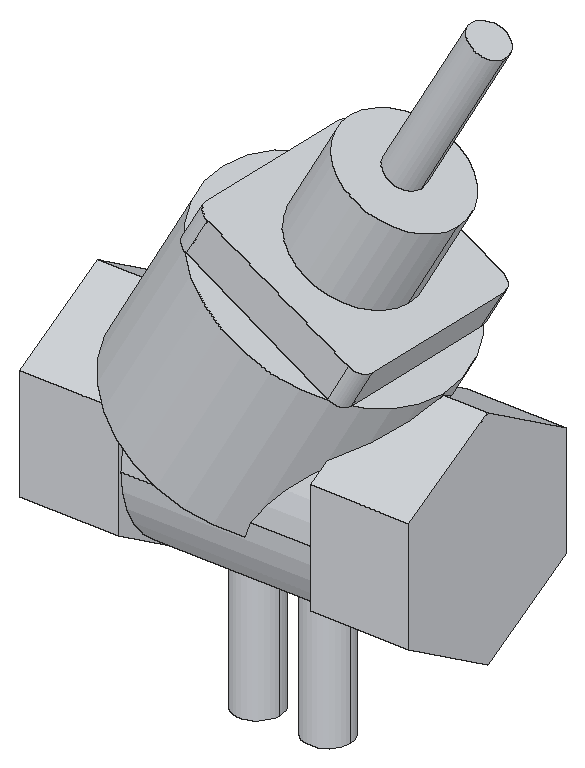
Revit family "OPTIMA_Compact_Plus_FF_DN50_15_RFA_2018", category Pipe Accessories, Revit 2018
Family settings
  Round Connector Dimension = Use Diameter
  Part Type = Valve - Breaks Into
  Work Plane-Based = No
  Always vertical = Yes
  Cut with Voids When Loaded = No
  Shared = No
Parameters (values of type "OPTIMA Compact Plus DN50 F-F 15mm")
  magiProductId = "624daa8973ca4b919c2525e9502345"
  magiProductFamilyId = "6a52986d8e934b98ba96fc38d8cea2"
  magiPartTypeId = 304
  isMeasuringValve [instance] = no
  ang2D [instance] = 0.00°
  Z = 0 mm
  X = 19 mm
  W2D = 40 mm
  VersionID = "2.0/2018.8.28.1/FRESE_OPTIMA-COMP-FF-BIG_001"
  Use Minimum Symbol Size [instance] = yes
  URL = "www.hydronic.cz"
  Type Comments = "vnitřní závit; PN25; -10~120°C, s měřením"
  S3 = 40 mm
  S2 = 14 mm
  S1 = 6 mm
  R9 = 8 mm
  R7 = 7 mm
  R6 = 22 mm
  R5 = 5 mm
  R4 = 34 mm
  R3 = 45 mm
  R2 = 34 mm
  R1 = 40 mm
  QmdConnectorList = "301;D;302;D"
  Productdata [instance] = ""
  PLG0 = yes
  Manufacturer = "Hydronic Systems Prague s.r.o."
  MC Product Code = "53-1376  (2\" F-F; 15mm; Qmin-dpmin 1400l/h-10.0kPa; Qmax-dpmin 11500l/h-36.0kPa; dpmax 800kPa)"
  MC Piping Given Pressure Drop [instance] = 0.0 Pa
  LL = 69 mm
  L6 = 10 mm
  L5 = 29 mm
  L4 = 90 mm
  L3 = 12.5 mm
  L2D_Min = 3048 mm
  L2D = 138 mm
  L2 = 68 mm
  L1__ve = -L1  # -35 mm
  L1 = 35 mm
  H7 = 85.5 mm
  H6__ve = -H6  # -82 mm
  H6 = 82 mm
  H51 = 40 mm
  H5 = 30 mm
  H4 = 60 mm
  H31 = 9.5 mm
  H3 = 35 mm
  H2 = 15 mm
  H1 = 62 mm
  Description = "Tlakově nezávislý 2-cestný regulační vyvažovací ventil (PICV)"
  D = 50 mm
  CenSd_R1_6 = R1 * cos(30.00°)  # 34.641 mm
  A = 30.00°
Types (2, lengths in mm): name | magiProductId | Z | X | R2 | R1 | MC Product Code | H6__ve | H6 | D | CenSd_R1_6
  OPTIMA Compact Plus DN40 F-F 15mm | "370c574abdd74299b576400338a818" | 7 | 15 | 27 | 32 | "53-1375  (6/4\" F-F; 15mm; Qmin-dpmin 1370l/h-10.0kPa; Qmax-dpmin 9500l/h-25.0kPa; dpmax 800kPa)" | -74 | 74 | 40 | 27.713
  OPTIMA Compact Plus DN50 F-F 15mm | "624daa8973ca4b919c2525e9502345" | 0 | 19 | 34 | 40 | "53-1376  (2\" F-F; 15mm; Qmin-dpmin 1400l/h-10.0kPa; Qmax-dpmin 11500l/h-36.0kPa; dpmax 800kPa)" | -82 | 82 | 50 | 34.641
Reference planes
  plane 1 "Center (Front/Back)": y = 0
  plane 2 "XYPLANE": z = 0
  plane 3 "Center (Left/Right)": x = 0
  plane 4 "356": through (324.771, 0, 678.519) normal (0.866, 0, -0.5)
  plane 5 "353": through (392.321, 0, 639.519) normal (0.866, 0, -0.5)
  plane 6 "350": through (383.66, 0, 644.519) normal (0.866, 0, -0.5)
  plane 7 "347": through (333.431, 0, 673.519) normal (0.866, 0, -0.5)
  plane 8 "345": through (-606.269, 0, 449.911) normal (0.5, 0, 0.866)
  plane 9 "340": y = -72
  plane 10 "339": y = 47
  plane 11 "338": through (436.488, 0, 614.019) normal (0.866, 0, -0.5)
  plane 12 "337": through (280.603, 0, 704.019) normal (0.866, 0, -0.5)
  plane 13 "267": x = 12.5
  plane 14 "266": x = -12.5
  plane 15 "252": through (-548.519, 0, 549.937) normal (0.5, 0, 0.866)
  plane 16 "250": through (-563.519, 0, 523.956) normal (0.5, 0, 0.866)
  plane 17 "248": through (-593.519, 0, 471.995) normal (0.5, 0, 0.866)
  plane 18 "245": through (-611.019, 0, 441.684) normal (0.5, 0, 0.866)
  plane 19 "241": through (329.101, 0, 676.019) normal (0.866, 0, -0.5)
  plane 20 "240": through (387.99, 0, 642.019) normal (0.866, 0, -0.5)
  plane 21 "239": y = -34
  plane 22 "238": y = 34
  plane 23 "237": through (-618.519, 0, 428.694) normal (0.5, 0, 0.866)
  plane 24 "235": through (-649.519, 0, 375) normal (0.5, 0, 0.866)
  plane 25 "231": y = 0
  plane 26 "230": through (358.546, 0, 659.019) normal (0.866, 0, -0.5)
  plane 27 "211": x = -34
  plane 28 "204": x = 69
  plane 29 "203": x = -69
  plane 30 "202": x = 0
  plane 31 "201": z = 0
  plane 32 "200": y = 0
  plane 33 "227XY": through (-649.519, 0, 375) normal (0.5, 0, 0.866)
  plane 34 "227XZ": y = 0
  plane 35 "227YZ": through (375, 0, 649.519) normal (0.866, 0, -0.5)
Forms (mm)
  Extrusion 1, solid
    sketch origin (-593.519, 0, 471.995) x (0.866025, 0, -0.5) y (0, 1, 0)
      loop
        circle (731, 0) r 7
    from 0 to 60 <- "H4"
  Extrusion 2, solid
    sketch origin (69, -750, 0) x (0, 1, 0) y (0, 0, 1)
      loop
        line (750, 40) -> (715.359, 20) -> (715.359, -20) -> (750, -40) -> (784.641, -20) -> (784.641, 20) -> (750, 40)
    from 0 to -35 <- "L1__ve"
  Extrusion 3, solid
    sketch origin (-69, -750, 0) x (0, 1, 0) y (0, 0, 1)
      loop
        line (750, 40) -> (715.359, 20) -> (715.359, -20) -> (750, -40) -> (784.641, -20) -> (784.641, 20) -> (750, 40)
    from 0 to 35 <- "L1"
  Extrusion 4, solid, visible <- "PLG0"
    sketch origin (-750, 0, 0) x (1, 0, 0) y (0, 1, 0)
      loop
        circle (762.5, 0) r 8
    from 0 to -82 <- "H6__ve"
  Extrusion 5, solid, visible <- "PLG0"
    sketch origin (-750, 0, 0) x (1, 0, 0) y (0, 1, 0)
      loop
        circle (737.5, 0) r 8
    from 0 to -82 <- "H6__ve"
  Extrusion 6, solid
    sketch origin (-611.019, 0, 441.684) x (0.866025, 0, -0.5) y (0, 1, 0)
      loop
        circle (731, 0) r 22
    from 0 to 35 <- "H3"
  Extrusion 7, solid
    sketch origin (-618.519, 0, 428.694) x (0.866025, 0, -0.5) y (0, 1, 0)
      loop
        arc (702, 34) -> (698.464, 32.536) -> (697, 29) r 5
        line (697, 29) -> (697, -29)
        arc (697, -29) -> (698.464, -32.536) -> (702, -34) r 5
        line (702, -34) -> (760, -34)
        arc (760, -34) -> (763.536, -32.536) -> (765, -29) r 5
        line (765, -29) -> (765, 29)
        arc (765, 29) -> (763.536, 32.536) -> (760, 34) r 5
        line (760, 34) -> (702, 34)
    from 0 to 15 <- "H2"
  Extrusion 8, solid
    sketch origin (-649.519, 0, 375) x (0.866025, 0, -0.5) y (0, 1, 0)
      loop
        circle (731, 0) r 45
    from 0 to 62 <- "H1"
  Extrusion 9, solid
    sketch origin (-34, -750, 0) x (0, 1, 0) y (0, 0, 1)
      loop
        circle (750, 0) r 34
    from 0 to 68 <- "L2"
  Extrusion 10, solid, not visible
    sketch origin (69, -750, 0) x (0, 1, 0) y (0, 0, 1)
      loop
        circle (750, 0) r 10
    from 0 to -10
  Extrusion 11, solid, not visible
    sketch origin (-69, -750, 0) x (0, 1, 0) y (0, 0, 1)
      loop
        circle (750, 0) r 10
    from 0 to 10
Lines and regions (mm)
  reference lines, not visible
    curve 1: circle (2, 2, 0) r 1 normal (0, 0, 1)
  reference lines
    curve 2: circle (-6.979, 0, 103.911) r 1 normal (0.5, 0, 0.866)
    curve 3: circle (60.571, 0, 64.911) r 1 normal (0.5, 0, 0.866)
    curve 4: circle (51.91, 0, 69.911) r 1 normal (0.5, 0, 0.866)
    curve 5: circle (1.681, 0, 98.911) r 1 normal (0.5, 0, 0.866)
    curve 6: line (69, 0, 0) -> (69, -13.856, -8)
    curve 7: line (69, 0, 0) -> (69, 0, -16)
    curve 8: line (69, 0, 0) -> (69, 13.856, -8)
    curve 9: line (-69, 0, 0) -> (-69, 13.856, -8)
    curve 10: line (-69, 0, 0) -> (-69, 0, -16)
    curve 11: line (-69, 0, 0) -> (-69, -13.856, -8)
Dimensions and locks
  plane 1 "Center (Front/Back)" to curve 1 = 2 mm
  "L6": plane 7 "347" to plane 4 "356"
  "L6": plane 6 "350" to plane 5 "353"
  "L5": plane 26 "230" to plane 6 "350"
  "L5": plane 26 "230" to plane 7 "347"
  "H31": plane 18 "245" to plane 8 "345"
  locked: plane 32 "200" to plane 9 "340" at 72
  locked: plane 25 "231" to plane 10 "339" at 47
  "L4": plane 26 "230" to plane 11 "338"
  "L4": plane 26 "230" to plane 12 "337"
  "L3": plane 3 "Center (Left/Right)" to plane 13 "267"
  "L3": plane 3 "Center (Left/Right)" to plane 14 "266"
  "H5": plane 16 "250" to plane 15 "252"
  "H4": plane 17 "248" to plane 16 "250"
  "H3": plane 18 "245" to plane 17 "248"
  "H2": plane 23 "237" to plane 18 "245"
  "R4": plane 26 "230" to plane 19 "241"
  "R4": plane 26 "230" to plane 20 "240"
  "R4": plane 32 "200" to plane 21 "239"
  "R4": plane 32 "200" to plane 22 "238"
  "H1": plane 24 "235" to plane 23 "237"
  "Z": plane 33 "227XY" to plane 24 "235"
  locked: plane 32 "200" to plane 25 "231"
  "X": plane 35 "227YZ" to plane 26 "230"
  "L1": plane 29 "203" to plane 27 "211"
  "LL": plane 3 "Center (Left/Right)" to plane 28 "204"
  "LL": plane 3 "Center (Left/Right)" to plane 29 "203"
  locked: plane 3 "Center (Left/Right)" to plane 30 "202"
  locked: plane 2 "XYPLANE" to plane 31 "201"
  locked: plane 1 "Center (Front/Back)" to plane 32 "200"
  "CenSd_R1_6": curve 6 to Extrusion 2 sketch curve  (x2)
  "CenSd_R1_6": curve 7 to Extrusion 2 sketch curve  (x2)
  "CenSd_R1_6": curve 8 to Extrusion 2 sketch curve  (x2)
  Extrusion 2 sketch curve to Extrusion 2 sketch curve = 0 mm  (x12)
  "CenSd_R1_6": curve 9 to Extrusion 3 sketch curve  (x2)
  "CenSd_R1_6": curve 10 to Extrusion 3 sketch curve  (x2)
  "CenSd_R1_6": curve 11 to Extrusion 3 sketch curve  (x2)
  Extrusion 3 sketch curve to Extrusion 3 sketch curve = 0 mm  (x12)
  Extrusion 7 sketch curve to Extrusion 7 sketch curve = 0 mm  (x16)
  "R7": radius of Extrusion 1 sketch curve
  "R9": radius of Extrusion 4 sketch curve
  "R9": radius of Extrusion 5 sketch curve
  "R6": radius of Extrusion 6 sketch curve
  "R5": radius of Extrusion 7 sketch curve  (x4)
  "R3": radius of Extrusion 8 sketch curve
  "R2": radius of Extrusion 9 sketch curve
  locked: curve 7 to curve 6 (angle 60.00°)
  locked: curve 8 to curve 7 (angle 60.00°)
  locked: curve 8 to curve 6 (angle 120.00°)
  locked: curve 10 to curve 9 (angle 60.00°)
  locked: curve 11 to curve 10 (angle 60.00°)
  locked: curve 11 to curve 9 (angle 120.00°)
  aligned and locked: level to plane 2 "XYPLANE"
  aligned and locked: curve 2 to plane 4 "356"
  aligned and locked: plane 25 "231" to curve 2
  aligned and locked: curve 3 to plane 5 "353"
  aligned and locked: plane 25 "231" to curve 3
  aligned and locked: curve 4 to plane 6 "350"
  aligned and locked: plane 25 "231" to curve 4
  aligned and locked: curve 5 to plane 7 "347"
  aligned and locked: plane 25 "231" to curve 5
  aligned and locked: plane 25 "231" to Extrusion 1 sketch curve
  aligned and locked: Extrusion 1 sketch curve to plane 26 "230"
  aligned and locked: plane 31 "201" to curve 8
  aligned and locked: curve 8 to plane 32 "200"
  aligned and locked: plane 31 "201" to curve 11
  aligned and locked: curve 11 to plane 32 "200"
  aligned and locked: plane 13 "267" to Extrusion 4 sketch curve
  aligned and locked: plane 32 "200" to Extrusion 4 sketch curve
  aligned and locked: plane 14 "266" to Extrusion 5 sketch curve
  aligned and locked: plane 32 "200" to Extrusion 5 sketch curve
  aligned and locked: plane 25 "231" to Extrusion 6 sketch curve
  aligned and locked: Extrusion 6 sketch curve to plane 26 "230"
  aligned and locked: Extrusion 7 sketch curve to plane 19 "241"
  aligned and locked: Extrusion 7 sketch curve to plane 21 "239"
  aligned and locked: Extrusion 7 sketch curve to plane 20 "240"
  aligned and locked: plane 22 "238" to Extrusion 7 sketch curve
  aligned and locked: plane 25 "231" to Extrusion 8 sketch curve
  aligned and locked: Extrusion 8 sketch curve to plane 26 "230"
  aligned and locked: plane 31 "201" to Extrusion 9 sketch curve
  aligned and locked: Extrusion 9 sketch curve to plane 32 "200"
  aligned and locked: plane 31 "201" to Extrusion 10 sketch curve
  aligned and locked: Extrusion 10 sketch curve to plane 32 "200"
  aligned and locked: plane 31 "201" to Extrusion 11 sketch curve
  aligned and locked: Extrusion 11 sketch curve to plane 32 "200"
Automatic sketch dimensions
  plane 1 "Center (Front/Back)" to Extrusion 10 sketch curve = 10 mm
  plane 1 "Center (Front/Back)" to Extrusion 11 sketch curve = 10 mm
  plane 3 "Center (Left/Right)" to curve 1 = 2 mm
  radius of curve 2 = 1 mm
  radius of curve 3 = 1 mm
  radius of curve 4 = 1 mm
  radius of curve 5 = 1 mm
  radius of curve 1 = 1 mm
Connectors
  piping at (-69, 0, 0), diameter 50, driven by "D"
    settings: on Extrusion 11, index 1, connector inside diameter 609.6 mm, connector length 0 mm, flow factor 0, pipe flow 0.0 L/s, pressure drop 0.0 Pa, fitting loss kfactor 0, connector angle 0.00°, fixture units 0, engagement length 0 mm, angle of deflection 0.00°, flow configuration 0, flow direction 0, fitting loss method 0, system type 29, joint type 0, gender type 0, connector reference index 2, connector utility 0, adjustable connector no, is connector primary yes, connector description ""
  piping at (69, 0, 0), diameter 50, driven by "D"
    settings: on Extrusion 10, index 2, connector inside diameter 609.6 mm, connector length 0 mm, flow factor 0, pipe flow 0.0 L/s, pressure drop 0.0 Pa, fitting loss kfactor 0, connector angle 0.00°, fixture units 0, engagement length 0 mm, angle of deflection 0.00°, flow configuration 0, flow direction 0, fitting loss method 0, system type 29, joint type 0, gender type 0, connector reference index 1, connector utility 0, adjustable connector no, is connector primary no, connector description ""
